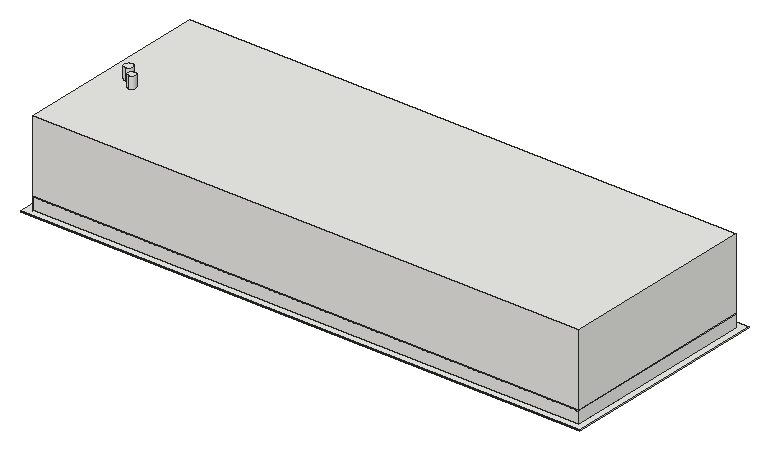
Revit family "AIRTECNICS_AIR CURTAIN_RECESSED WINDBOX_MG_DX-VRF_(LG)_0", category Mechanical Equipment, Revit 2016
Family settings
  Part Type = Normal
  Round Connector Dimension = Use Diameter
  OmniClass Number = 23.75.70.21.17
  OmniClass Title = Air Curtains
  Work Plane-Based = No
  Always vertical = Yes
  Cut with Voids When Loaded = No
  Shared = No
  Room Calculation Point = No
Parameters (values of type "WINDBOX RECM 2000 DX15-LG")
  · PIPES POSITION · [instance] = "-/ Select Pipes Position /-"  # constant formula
  · OTHERS · [instance] = "-/ Select Supports - Inst.Maint. Space /-"  # constant formula
  · HEATING · = "-/ Heating /-"  # constant formula
  · EXTERNAL UNIT · [instance] = "-/ External Unit Type /-"  # constant formula
  · COIL ROWS · = "-/ DX Coil Rows /-"  # constant formula
  Weight [instance] = size_lookup(Name_Lookup_Data, "Weight", 1.00 kg, CM, CT, CH, CR)  # 122.00 kg
  Voltage [instance] = 230 V  # constant formula
  URL_Manufacturer = "https://www.airtecnics.com"
  URL_Datasheet = "https://www.airtecnics.com/download/file/5873/recessed-windbox-dx-lg-1-1-and-vrf.pdf"
  Triple Phase (External Ut.) [instance] = yes
  Supports Length [instance] = 500.0 mm
  Supports (Horizontal) [instance] = no
  Single Phase (External Ut.) [instance] = not([Triple Phase (External Ut.)])  # no
  Revit Version = "Revit 2016 - English"  # constant formula
  Review Date = "11/18"  # constant formula
  Remote Control = "-"  # constant formula
  Refrigerant Pipes_P4 [instance] = no
  Refrigerant Pipes_P3 [instance] = no
  Refrigerant Pipes_P2 [instance] = if(CW = 0, 1 = 1, 1 = 0)  # yes
  Refrigerant Pipes_P1 [instance] = no
  Product Size = if(CT = 2, "1000", if(CT = 4, "1500", if(CT = 8, "2000", if(CT = 16, "2500", if(CT = 32, "3000", "Consult Manufacturer")))))  # "2000"
  Product Reference [instance] = size_lookup(Name_Lookup_Ref, "", "Consult Manufacturer", CM, CT, CH, CR)  # "RECM 2000 DX15-LG"
  Product Heating [instance] = if(DX 1:1, "Direct Expansion 1:1 system", "Direct Expansion VRF system")  # "Direct Expansion 1:1 system"
  Product Description [instance] = size_lookup(Name_Lookup_Data, "", "Consult Manufacturer", CM, CT, CH, CR)  # "Energy saving heat pump air curtain: Up to 70% reduction in costs and CO2 emissions (heating mode).\r\nSelf-supporting casing construction made of galvanized steel plate, ready to be installed recessed in a false ceiling. \r\nInlet grille (free of maintenance) made with aluminium profiles and blow-out nozzle, integrated in a single white frame colour RAL 9016. Other colours are available on request.  Internal prefilter included.\r\nAnodized aluminium outlet vanes, airfoil shaped, adjustable in both directions.\r\nDouble-inlet centrifugal fans driven by an external rotor motor and low noise level. 5-speed selector. EC models assembled with very low consumption efficiency fans. \r\nIncludes only heating direct expansion coil with installed temperature sensors. Under request it can be modified to work in cooling and heating mode (not recomended) with optional condensate water pump.\r\nPlug&Play control panel CS-5DX-NE slave DX with 5 speeds selector and 7m telephone cable included.\r\nReady to connect to LG Inverter outdoor heat pump unit (R410A) with expansion valve, not included, the customer should purchase it.\r\nRequires PAHCMRA000 LG DX Interface KIT adapted for air curtain and PREMTB001 programmable control, please consult.\r\nAir Volume: 3280 m3/h \r\nFans:  0,284 kW  2,48 A 230Vx1 50/60Hz\r\nHeating capacity: 15,4 kW\r\nDimensions: 770x310x2050 mm (depth, height, length)\r\nNOT SUPPLIED BY AIRTÈCNICS:\r\nPAHCMRA000 Interface DX kit and PREMTB001 programmable control.\r\nExternal unit:\r\nOption 1: UU48W U32\r\nExternal unit with direct expansion valve LG, single phase motor 230Vx1 50Hz.\r\nHeating capacity 15,4kW. Heating power: 4,39kW. COP 3,5.\r\nCooling capacity 14kW. Cooling power 4,1kW. EER 3,41.\r\nCooling circuits 5/8\" - 3/8\".\r\nMinimum length 5m.\r\nMaximum length 75m.\r\nDesnivell màxim 30m.\r\nOption 2: UU49W U32\r\nExternal unit with direct expansion valve LG, triple phase motor 400Vx3 50Hz.\r\nHeating capacity 15,4kW. Heating power: 4,39kW. COP 3,5.\r\nCooling capacity 14kW. Cooling power 4,1kW. EER 3,41.\r\nCooling circuits 5/8\" - 3/8\".\r\nMinimum length 5m.\r\nMaximum length 75m.\r\nDesnivell màxim 30m."
  Power Fans Factor [instance] = size_lookup(Name_Lookup_Data, "Power Fans Factor", 1, CM, CT, CH, CR)  # 0.5
  Power Fans [instance] = size_lookup(Name_Lookup_Data, "Power Fans", 1 kW, CM, CT, CH, CR)  # 0.284 kW
  Noise Level (dB(A)) [instance] = size_lookup(Name_Lookup_Data, "Noise Level (dB(A))", 1, CM, CT, CH, CR)  # 58
  Name_Lookup_Ref_EU = "R_WINDBOX_MG_(DX)_LG_Ref_EU_Lookup"  # constant formula
  Name_Lookup_Ref = "R_WINDBOX_MG_(DX)_LG_Ref_Lookup"  # constant formula
  Name_Lookup_Data3 = "R_WINDBOX_MG_(DX)_LG_ExpValve_Lookup"  # constant formula
  Name_Lookup_Data2 = "R_WINDBOX_MG_(DX)_LG_Mainfolds_Lookup"  # constant formula
  Name_Lookup_Data = "R_WINDBOX_MG_(DX)_LG_Data_Lookup"  # constant formula
  Material Inlet Grille [instance] = AIRTECNICS_White RAL 9016
  Material Curtain [instance] = AIRTECNICS_White RAL 9016
  Mainfolds [instance] = size_lookup(Name_Lookup_Data2, "", "Consult Manufacturer", CM, CT, CH, CR)  # "5/8 & 3/8"
  M = yes
  Length = if(CT = 2, 1050.0 mm, if(CT = 4, 1550.0 mm, if(CT = 8, 2050.0 mm, if(CT = 16, 2550.0 mm, L + 50.0 mm))))  # 2050.0 mm
  IfcExportType = "DXCOOLINGCOIL"  # constant formula
  IfcExportAs = "IfcCoilType"  # constant formula
  Height = 310.0 mm  # constant formula
  Heating Capacity [instance] = size_lookup(Name_Lookup_Data, "Heating Capacity", 1 kW, CM, CT, CH, CR)  # 15.4 kW
  Gas Coil Volume [instance] = size_lookup(Name_Lookup_Data, "Gas Coil Volume", 1.00 L, CM, CT, CH, CR)  # 3.10 L
  G = no
  Frequency = 50 Hz  # constant formula
  Fans Stage = 5  # constant formula
  Family Version = "1.0"  # constant formula
  External Ut. Reference [instance] = size_lookup(Name_Lookup_Ref_EU, "", "Consult Manufacturer", CM, CT, CH, CR, CEU)  # "UU49W U32"
  Expansion Valve [instance] = size_lookup(Name_Lookup_Data3, "", "Consult Manufacturer", CM, CT, CH, CR)  # "Included on External Unit"
  EC = yes
  Dn_Metric_Refrig_Liquid [instance] = size_lookup(Name_Lookup_Data2, "Dn_Liquid", 1 mm, CM, CT, CH, CR)  # 10 mm
  Dn_Metric_Refrig_Gas [instance] = size_lookup(Name_Lookup_Data2, "Dn_Gas", 1 mm, CM, CT, CH, CR)  # 16 mm
  Depth = 770.0 mm  # constant formula
  DX VRF = not(DX 1:1)  # no
  DX Kit [instance] = "PAHCMR000"  # constant formula
  DX Controller [instance] = "PREMTB001"  # constant formula
  DX Coil Rows = 4 = no
  DX Coil Rows = 3 = not([DX Coil Rows = 4])  # yes
  DX Coil Rows [instance] = if(CR = 2, 4, if(CR = 4, 3, if(CR = 0, 2, 0)))  # 3
  DX 1:1 = yes
  Current Fans [instance] = size_lookup(Name_Lookup_Data, "Current Fans", 1 A, CM, CT, CH, CR)  # 2.48 A
  Created by = "BIMETRICAL"  # constant formula
  Control [instance] = "CS-5DX-NE"  # constant formula
  Capacity_Frig_Liquid [instance] = 0 m³/h
  Capacity_Frig_Gas [instance] = 0 m³/h
  Cable = "CB7"  # constant formula
  URL = "https://www.airtecnics.com/products/heat-pump-air-curtain-recessed-windbox-for-lg"
  Model = "Air Curtain Recessed Windbox M,G DX/VRF LG"  # constant formula
  L = 2000.0 mm
  Type Image = <None>
  Manufacturer = "AIRTECNICS"  # constant formula
  Description = ""
  Type Comments = "Energy saving heat pump air curtain: Up to 70% reduction in costs and CO2 emissions (heating mode).\r\nSelf-supporting casing construction made of galvanized steel plate, ready to be installed recessed in a false ceiling. \r\nInlet grille (free of maintenance) made with aluminium profiles and blow-out nozzle, integrated in a single white frame colour RAL 9016. Other colours are available on request.  Internal prefilter included.\r\nAnodized aluminium outlet vanes, airfoil shaped, adjustable in both directions.\r\nDouble-inlet centrifugal fans driven by an external rotor motor and low noise level. 5-speed selector. EC models assembled with very low consumption efficiency fans. \r\nIncludes only heating direct expansion coil with installed temperature sensors. Under request it can be modified to work in cooling and heating mode (not recomended) with optional condensate water pump.\r\nPlug&Play control panel CS-5DX-NE slave DX with 5 speeds selector and 7m telephone cable included.\r\nDX 1:1:\r\nReady to connect to LG Inverter outdoor heat pump unit (R410A) with expansion valve, not included, the customer should purchase it.\r\nRequires  LG DX Interface KIT adapted for air curtain and  programmable control, please consult.\r\nDX VRF:\r\nReady to connect to LG VRF outdoor heat pump unit (R410A) and expansion valve not included, the customer should purchase it.\r\nRequires  LG VRF Interface KIT adapted for air curtain and  programmable control, please consult."  # constant formula
  CW [instance] = if(Refrigerant Pipes_P1, 2, 0) + if(Refrigerant Pipes_P3, 4, 0) + if(Refrigerant Pipes_P4, 8, 0)  # 0
  CT = if(L = 1000.0 mm, 2, 0) + if(L = 1500.0 mm, 4, 0) + if(L = 2000.0 mm, 8, 0) + if(L = 2500.0 mm, 16, 0) + if(L = 3000.0 mm, 32, 0)  # 8
  CR [instance] = if([DX Coil Rows = 4], 2, 0) + if([DX Coil Rows = 3], 4, 0)  # 4
  CM = if(M, 2, 0) + if(EC, 4, 0) + if(G, 8, 0)  # 6
  CH [instance] = if(DX 1:1, 2, 0) + if(DX VRF, 4, 0)  # 2
  CEU [instance] = if([Single Phase (External Ut.)], 2, 0) + if([Triple Phase (External Ut.)], 4, 0)  # 4
  BIMETRICAL Category = "Coil"  # constant formula
  BIMETRICAL = "http://www.bimetrical.com/"  # constant formula
  Aspiration/Maintenance Space [instance] = no
  Apparent Load [instance] = size_lookup(Name_Lookup_Data, "Apparent Load", 1 VA, CM, CT, CH, CR)  # 568 VA
  Airflow [instance] = size_lookup(Name_Lookup_Data, "Airflow", 1 m³/h, CM, CT, CH, CR)  # 3280 m³/h
Reference planes
  plane 1 "Centro (Frontal/Posterior)": z = 0
  plane 2: y = 246.57
  plane 3 "Centro (Izquierda/Derecha)": x = 0
Nested families
  nested 1: "GEOM_WINDBOX_P_RECESSED_DX" at (0, 130, 48), L <- "L", ViHS <- "Supports (Horizontal)", Support Length <- "Supports Length", Aspiration/Maintenance Space <- "Aspiration/Maintenance Space", CW <- "CW", Material Curtain <- "Material Curtain", Material Inlet Grille <- "Material Inlet Grille", type "Air curtain Recessed Windbox DX"
    with ViHSC no, ViHS no, Vi2 no, Vi1 yes, TI 9, Support Length 500.0 mm, Position Water pipes OUT connection "--------------------------------", Position Water pipes IN connection "--------------------------------", Material Inlet Grille AIRTECNICS_White RAL 9016, Material Curtain AIRTECNICS_White RAL 9016, LiS 760.0 mm, Li9 114.0 mm, Li8 0.0 mm, Li7 52.0 mm, Li6 720.0 mm, Li16 10.0 mm, Li15 10.0 mm, Li14 260.0 mm, Li13 76.0 mm, Li12 0.0 mm, Li11 85.0 mm, Li10 260.0 mm, L 2000.0 mm, D_Liquid 27.0 mm, D_Gas 31.0 mm, CW 0, Aspiration/Maintenance Space no, AnWCO 90.00°, AnWCI 90.00°
Connectors
  electrical at (859, 510.57, 308), driven by "Voltage", driven by "Apparent Load", driven by "Power Fans Factor", driven by "Apparent Load"
    settings: on nested 1, index 1, voltage 230 V, apparent load 568 VA, apparent load phase1 568 VA, apparent load phase2 0 VA, apparent load phase3 0 VA, power factor 0.5, load classification "HVAC", number of poles 1, system type 30, power factor state 1, is connector primary yes, connector utility no, sub classification motor no, connector description ""
  piping at (-924, 231.57, 348), diameter 16, driven by "Dn_Metric_Refrig_Gas", driven by "Capacity_Frig_Gas"
    settings: on nested 1, index 2, connector inside diameter 609.6 mm, connector length 0.0 mm, flow factor 0, pipe flow 0 m³/h, pressure drop 0.0 Pa, fitting loss kfactor 0, connector angle 0.00°, fixture units 0, engagement length 0.0 mm, angle of deflection 0.00°, flow configuration 1, flow direction 1, fitting loss method 0, system type 7, joint type 0, gender type 0, connector reference index -1, connector utility 0, adjustable connector no, is connector primary yes, connector description "(gas) refrigerant connection"
  piping at (-886, 198.57, 348), diameter 10, driven by "Dn_Metric_Refrig_Liquid", driven by "Capacity_Frig_Liquid"
    settings: on nested 1, index 3, connector inside diameter 609.6 mm, connector length 0.0 mm, flow factor 0, pipe flow 0 m³/h, pressure drop 0.0 Pa, fitting loss kfactor 0, connector angle 0.00°, fixture units 0, engagement length 0.0 mm, angle of deflection 0.00°, flow configuration 1, flow direction 2, fitting loss method 0, system type 8, joint type 0, gender type 0, connector reference index -1, connector utility 0, adjustable connector no, is connector primary no, connector description "(liquid) refrigerant connection"
Definition of nested family "GEOM_WINDBOX_P_RECESSED_DX"
  Parameters (values of type "Air curtain Recessed Windbox DX")
    ViHSC [instance] = if(and(ViHS, L > 1000.0 mm), 1 = 1, 1 = 0)  # no
    Vi2 [instance] = if(L = 2500.0 mm, 1 = 1, 1 = 0)  # yes
    Vi1 [instance] = not(Vi2)  # no
    TI [instance] = if(L = 1000.0 mm, 5, if(L = 1500.0 mm, 7, if(L = 2000.0 mm, 9, if(L = 2500.0 mm, 11, L / 200.0 mm))))  # 11
    Name_Lookup_WaterCoils = "R_WINDBOX_MG_DX_(P)_WaterCoil_Lookup"  # constant formula
    Material Outlet Grille = none
    Material II = none
    Material I = none
    Material Inlet Grille [instance] = none
    Li16 [instance] = if(CW = 2, 100.0 mm, 10.0 mm)  # 10.0 mm
    Li15 [instance] = if(CW = 8, 100.0 mm, 10.0 mm)  # 10.0 mm
    Li14 [instance] = size_lookup(Name_Lookup_WaterCoils, "Li14", 260.0 mm, CW)  # 260.0 mm
    Li13 [instance] = if(CW = 4, L - 114.0 mm, if(CW = 2, 1.0 mm, if(CW = 8, L - 1.0 mm, 76.0 mm)))  # 76.0 mm
    Li12 [instance] = size_lookup(Name_Lookup_WaterCoils, "Li12", 0.0 mm, CW)  # 0.0 mm
    Li11 [instance] = size_lookup(Name_Lookup_WaterCoils, "Li11", 85.0 mm, CW)  # 85.0 mm
    D_Liquid [instance] = 27.0 mm  # constant formula
    D_Gas [instance] = 31.0 mm  # constant formula
    CW [instance] = 0
    AnWCO [instance] = size_lookup(Name_Lookup_WaterCoils, "AnWCO", 90.00°, CW)  # 90.00°
    Position Water pipes IN connection [instance] = "--------------------------------"  # constant formula
    Position Water pipes OUT connection [instance] = "--------------------------------"  # constant formula
    ViHS [instance] = no
    Support Length [instance] = 500.0 mm
    AnWCI [instance] = size_lookup(Name_Lookup_WaterCoils, "AnWCI", 90.00°, CW)  # 90.00°
    LiS [instance] = Support Length + 260.0 mm  # 760.0 mm
    Revit Version = "Revit 2016 - English"  # constant formula
    Review Date = "11/18"  # constant formula
    Material Curtain [instance] = none
    Li9 [instance] = if(CW = 4, L - 76.0 mm, if(CW = 2, 1.0 mm, if(CW = 8, L - 1.0 mm, 114.0 mm)))  # 114.0 mm
    Li7 [instance] = size_lookup(Name_Lookup_WaterCoils, "Li7", 52.0 mm, CW)  # 52.0 mm
    Li6 [instance] = Depth  # 720.0 mm
    Li8 [instance] = size_lookup(Name_Lookup_WaterCoils, "Li8", 0.0 mm, CW)  # 0.0 mm
    Li10 [instance] = size_lookup(Name_Lookup_WaterCoils, "Li10", 260.0 mm, CW)  # 260.0 mm
    Family Version = "1.0"  # constant formula
    Depth = 720.0 mm  # constant formula
    Default Elevation = 1219.2 mm
    Created by = "BIMETRICAL"  # constant formula
    URL = "https://www.airtecnics.com/products/heat-pump-and-energy-saving-air-curtains"
    Model = "Air curtain Recessed Windbox DX"  # constant formula
    L [instance] = 2500.0 mm
    Type Image = (empty or 0)
    Manufacturer = "AIRTECNICS"  # constant formula
    Description = "AIRTECNICS_Air curtain Recessed Windbox DX"  # constant formula
    Type Comments = ""
    BIMETRICAL Category = "Fan"  # constant formula
    BIMETRICAL = "http://www.bimetrical.com/"  # constant formula
    Aspiration/Maintenance Space [instance] = no
  Reference planes
    plane 1 "Centro (Frontal/Posterior)": z = 0
    plane 2: y = 246.57
    plane 3 "Centro (Izquierda/Derecha)": x = 0
    plane 4: z = 260
    plane 5: y = 476.57
    plane 6: y = 16.57
    plane 7: x = -1250
    plane 8: x = 1250
    plane 9: x = -1210
    plane 10: x = 1210
    plane 11: y = 442.57
    plane 12: y = 145.57
    plane 13: y = -223.43
    plane 14: x = -1136
    plane 15 "P1-01": y = 68.57
    plane 16 "P1-02": z = 0
    plane 17 "P2-01": x = -1174
    plane 18 "P2-02": z = 0
    plane 19 "P2-03": y = 101.57
    plane 20: y = -243.43
    plane 21: y = 501.57
    plane 22: x = 1275
    plane 23: y = -268.43
    plane 24: z = -48
    plane 25: z = -50
    plane 26: x = 1248
    plane 27: x = -1248
    plane 28: x = -418.5
    plane 29: x = 418.5
    plane 30: x = -1203.5
    plane 31: x = 1203.5
    plane 32: x = -962.8
    plane 33: x = -722.1
    plane 34: x = -481.4
    plane 35: z = -250
    plane 36: y = -241.454
    plane 37: y = -9.53
    plane 38: x = 1335
    plane 39: x = -1425
    plane 40: x = -240.7
    plane 41: x = 0
    plane 42: x = 240.7
    plane 43: x = 481.4
    plane 44: x = 722.1
    plane 45: x = 962.8
  Forms (mm)
    Extrusion 1, solid, material <- "Material Inlet Grille"
      sketch origin (0, 0, -50) x (1, 0, 0) y (0, 1, 0)
        loop
          line (-1250, 476.57) -> (-1250, -243.43) -> (1250, -243.43) -> (1250, 476.57) -> (-1250, 476.57)
      from 0 to 50
    Extrusion 2, void, detail levels medium+fine
      sketch origin (0, 0, -50) x (1, 0, 0) y (0, 1, 0)
        loop
          line (-1249, 474.57) -> (-1249, 387.47) -> (1249, 387.47) -> (1249, 474.57) -> (-1249, 474.57)
      from 0 to 46
    Extrusion 3, solid, material <- "Material Curtain", not visible
      sketch origin (559.734, 0, 0) x (1, 0, 0) y (0, 1, 0)
        loop
          line (613.266, 405.57) -> (485.266, 405.57) -> (485.266, 355.57) -> (613.266, 355.57) -> (613.266, 405.57)
      from 260 to 259
    Extrusion 4, solid, visible <- "ViHS"
      sketch origin (0, 0, 0) x (1, 0, 0) y (0, 1, 0)
        loop
          circle (-1210, 442.57) r 3.375
      from 260 to 760 <- "LiS"
    Extrusion 5, solid, visible <- "ViHSC"
      sketch origin (1185, 0, 0) x (1, 0, 0) y (0, 1, 0)
        loop
          circle (-1185, 442.57) r 3.375
      from 260 to 760 <- "LiS"
    Extrusion 6, solid, visible <- "ViHS"
      sketch origin (2385, 0, 0) x (1, 0, 0) y (0, 1, 0)
        loop
          circle (-1175, 442.57) r 3.375
      from 260 to 760 <- "LiS"
    Extrusion 7, solid, visible <- "ViHSC"
      sketch origin (1185, -240, 0) x (1, 0, 0) y (0, 1, 0)
        loop
          circle (-1185, 385.57) r 3.375
      from 260 to 760 <- "LiS"
    Extrusion 8, solid, visible <- "ViHS"
      sketch origin (2344.293, -280.483, 0) x (1, 0, 0) y (0, 1, 0)
        loop
          circle (-1134.293, 426.053) r 3.375
      from 260 to 760 <- "LiS"
    Extrusion 9, solid, visible <- "ViHS"
      sketch origin (9.293, -280.483, 0) x (1, 0, 0) y (0, 1, 0)
        loop
          circle (-1219.293, 426.053) r 3.375
      from 260 to 760 <- "LiS"
    Extrusion 10, solid, visible <- "Aspiration/Maintenance Space"
      sketch origin (0, 0, -50) x (1, 0, 0) y (0, 1, 0)
        loop
          line (-1250, 476.57) -> (-1250, -243.43) -> (1250, -243.43) -> (1250, 476.57) -> (-1250, 476.57)
      from 310 to 410
    Extrusion 11, solid, visible <- "Aspiration/Maintenance Space"
      sketch origin (230, 246.57, 5) x (1, 0, 0) y (0, 0, 1)
        loop
          line (1020, 255) -> (1020, -53) -> (1030, -53) -> (1030, 255) -> (1020, 255)
      from -230 to 490
    Extrusion 12, solid, visible <- "Aspiration/Maintenance Space"
      sketch origin (-2520, 246.57, 5) x (1, 0, 0) y (0, 0, 1)
        loop
          line (1260, 255) -> (1260, -53) -> (1270, -53) -> (1270, 255) -> (1260, 255)
      from -230 to 490
    Extrusion 13, solid, visible <- "ViHSC"
      sketch origin (1185, -609, 0) x (1, 0, 0) y (0, 1, 0)
        loop
          circle (-1185, 385.57) r 3.375
      from 260 to 760 <- "LiS"
    Extrusion 14, solid, visible <- "ViHS"
      sketch origin (2344.293, -649.483, 0) x (1, 0, 0) y (0, 1, 0)
        loop
          circle (-1134.293, 426.053) r 3.375
      from 260 to 760 <- "LiS"
    Extrusion 15, solid, visible <- "ViHS"
      sketch origin (9.293, -649.483, 0) x (1, 0, 0) y (0, 1, 0)
        loop
          circle (-1219.293, 426.053) r 3.375
      from 260 to 760 <- "LiS"
    Extrusion 16, solid, material <- "Material Curtain"
      sketch origin (-1174, 101.57, 260) x (0, -1, 0) y (1, 0, 0)
        loop
          circle (0, 0) r 15.5
      from 0 to 40
    Extrusion 17, solid, material <- "Material Curtain"
      sketch origin (-1136, 68.57, 260) x (0, -1, 0) y (1, 0, 0)
        loop
          circle (0, 0) r 13.5
      from 0 to 40
    Extrusion 18, solid, material <- "Material Inlet Grille"
      sketch origin (-54.078, -166.435, -50) x (1, 0, 0) y (0, 1, 0)
        loop
          line (-1220.922, -101.996) -> (1329.078, -101.996) -> (1329.078, 668.004) -> (-1220.922, 668.004) -> (-1220.922, -101.996)
        loop
          line (-1195.922, -76.996) -> (1304.078, -76.996) -> (1304.078, 643.004) -> (-1195.922, 643.004) -> (-1195.922, -76.996)
      from 0 to 2
    Sweep 19, void
      path origin (0, 0, -50) x (1, 0, 0) y (0, 1, 0)
        loop
          line (-1250, 476.57) -> (-1250, -243.43) -> (1250, -243.43) -> (1250, 476.57) -> (-1250, 476.57)
      profile origin (0, 476.57, -50) x (0, 1, 0) y (0, 0, 1)
        loop
          line (0, 46) -> (0, 50) -> (-4, 50)
          arc (-4, 50) -> (-1.172, 48.828) -> (0, 46) r 4
    Extrusion 20, solid, material <- "Material Outlet Grille"
      sketch origin (0, 0, 0) x (0, 1, 0) y (0, 0, 1)
        loop
          line (452.413, -27.506) -> (455.591, -46.036)
          arc (455.591, -46.036) -> (457.07, -47.282) -> (458.548, -46.036) r 1.5
          line (458.548, -46.036) -> (461.726, -27.506)
          arc (461.726, -27.506) -> (457.07, -21.982) -> (452.413, -27.506) r 4.725
        loop
          arc (429.342, -46.036) -> (430.82, -47.282) -> (432.299, -46.036) r 1.5
          line (432.299, -46.036) -> (435.477, -27.506)
          arc (435.477, -27.506) -> (430.82, -21.982) -> (426.163, -27.506) r 4.725
          line (426.163, -27.506) -> (429.342, -46.036)
        loop
          arc (409.976, -27.506) -> (405.319, -21.982) -> (400.662, -27.506) r 4.725
          line (400.662, -27.506) -> (403.84, -46.036)
          arc (403.84, -46.036) -> (405.319, -47.282) -> (406.797, -46.036) r 1.5
          line (406.797, -46.036) -> (409.976, -27.506)
      from -1248 to 1248
    Extrusion 21, void, detail levels medium+fine
      sketch origin (0, -484.3, -50) x (1, 0, 0) y (0, 1, 0)
        loop
          line (-1249, 474.77) -> (-1249, 242.846) -> (1249, 242.846) -> (1249, 474.77) -> (-1249, 474.77)
      from 0 to 46
    Extrusion 22, solid, material <- "Material Curtain"
      sketch origin (0, 0, -50) x (1, 0, 0) y (0, 1, 0)
        loop
          line (-1250, 476.57) -> (-1250, -243.43) -> (1250, -243.43) -> (1250, 476.57) -> (-1250, 476.57)
      from 50 to 310
    Extrusion 23, solid, material <- "Material II", visible <- "Vi1"
      sketch origin (0, 0, 0) x (0, 1, 0) y (0, 0, 1)
        loop
          line (474.57, -4) -> (400.57, -4) -> (400.57, -47.504) -> (474.57, -47.504) -> (474.57, -4)
      from -7.5 to 7.5
    Extrusion 24, solid, material <- "Material I"
      sketch origin (1191.816, 0, 0) x (0, 1, 0) y (0, 0, 1)
        loop
          arc (402.126, -44.927) -> (403.13, -46.77) -> (405.096, -47.504) r 3
          line (405.096, -47.504) -> (431.043, -47.504)
          arc (431.043, -47.504) -> (433.022, -46.759) -> (434.017, -44.893) r 3
          line (434.017, -44.893) -> (437.046, -21.725)
          arc (437.046, -21.725) -> (436.086, -18.568) -> (433.08, -17.207) r 4
          line (433.08, -17.207) -> (403.059, -17.207)
          arc (403.059, -17.207) -> (400.04, -18.583) -> (399.098, -21.764) r 4
          line (399.098, -21.764) -> (402.126, -44.927)
      from 53.181 to 56.184
    Extrusion 25, solid, material <- "Material I", visible <- "Vi1"
      sketch origin (-45.681, 0, 0) x (0, 1, 0) y (0, 0, 1)
        loop
          arc (402.126, -44.927) -> (403.13, -46.77) -> (405.096, -47.504) r 3
          line (405.096, -47.504) -> (431.043, -47.504)
          arc (431.043, -47.504) -> (433.022, -46.759) -> (434.017, -44.893) r 3
          line (434.017, -44.893) -> (437.046, -21.725)
          arc (437.046, -21.725) -> (436.086, -18.568) -> (433.08, -17.207) r 4
          line (433.08, -17.207) -> (403.059, -17.207)
          arc (403.059, -17.207) -> (400.04, -18.583) -> (399.098, -21.764) r 4
          line (399.098, -21.764) -> (402.126, -44.927)
      from 53.181 to 56.184
    Extrusion 26, solid, material <- "Material I", visible <- "Vi1"
      sketch origin (-63.684, 0, 0) x (0, 1, 0) y (0, 0, 1)
        loop
          arc (402.126, -44.927) -> (403.13, -46.77) -> (405.096, -47.504) r 3
          line (405.096, -47.504) -> (431.043, -47.504)
          arc (431.043, -47.504) -> (433.022, -46.759) -> (434.017, -44.893) r 3
          line (434.017, -44.893) -> (437.046, -21.725)
          arc (437.046, -21.725) -> (436.086, -18.568) -> (433.08, -17.207) r 4
          line (433.08, -17.207) -> (403.059, -17.207)
          arc (403.059, -17.207) -> (400.04, -18.583) -> (399.098, -21.764) r 4
          line (399.098, -21.764) -> (402.126, -44.927)
      from 53.181 to 56.184
    Extrusion 27, solid, material <- "Material II", visible <- "Vi2", not visible
      sketch origin (0, 0, 0) x (0, 1, 0) y (0, 0, 1)
        loop
          line (474.57, -4) -> (400.57, -4) -> (400.57, -47.504) -> (474.57, -47.504) -> (474.57, -4)
      from -7.5 to 7.5
    Extrusion 28, solid, material <- "Material I", visible <- "Vi2", not visible
      sketch origin (-45.681, 0, 0) x (0, 1, 0) y (0, 0, 1)
        loop
          arc (402.126, -44.927) -> (403.13, -46.77) -> (405.096, -47.504) r 3
          line (405.096, -47.504) -> (431.043, -47.504)
          arc (431.043, -47.504) -> (433.022, -46.759) -> (434.017, -44.893) r 3
          line (434.017, -44.893) -> (437.046, -21.725)
          arc (437.046, -21.725) -> (436.086, -18.568) -> (433.08, -17.207) r 4
          line (433.08, -17.207) -> (403.059, -17.207)
          arc (403.059, -17.207) -> (400.04, -18.583) -> (399.098, -21.764) r 4
          line (399.098, -21.764) -> (402.126, -44.927)
      from 53.181 to 56.184
    Extrusion 29, solid, material <- "Material I", visible <- "Vi2", not visible
      sketch origin (-63.684, 0, 0) x (0, 1, 0) y (0, 0, 1)
        loop
          arc (402.126, -44.927) -> (403.13, -46.77) -> (405.096, -47.504) r 3
          line (405.096, -47.504) -> (431.043, -47.504)
          arc (431.043, -47.504) -> (433.022, -46.759) -> (434.017, -44.893) r 3
          line (434.017, -44.893) -> (437.046, -21.725)
          arc (437.046, -21.725) -> (436.086, -18.568) -> (433.08, -17.207) r 4
          line (433.08, -17.207) -> (403.059, -17.207)
          arc (403.059, -17.207) -> (400.04, -18.583) -> (399.098, -21.764) r 4
          line (399.098, -21.764) -> (402.126, -44.927)
      from 53.181 to 56.184
    Extrusion 30, solid, material <- "Material II", visible <- "Vi2"
      sketch origin (418.5, 0, 0) x (0, 1, 0) y (0, 0, 1)
        loop
          line (474.57, -4) -> (400.57, -4) -> (400.57, -47.504) -> (474.57, -47.504) -> (474.57, -4)
      from -7.5 to 7.5
    Extrusion 31, solid, material <- "Material I", visible <- "Vi2"
      sketch origin (372.819, 0, 0) x (0, 1, 0) y (0, 0, 1)
        loop
          arc (402.126, -44.927) -> (403.13, -46.77) -> (405.096, -47.504) r 3
          line (405.096, -47.504) -> (431.043, -47.504)
          arc (431.043, -47.504) -> (433.022, -46.759) -> (434.017, -44.893) r 3
          line (434.017, -44.893) -> (437.046, -21.725)
          arc (437.046, -21.725) -> (436.086, -18.568) -> (433.08, -17.207) r 4
          line (433.08, -17.207) -> (403.059, -17.207)
          arc (403.059, -17.207) -> (400.04, -18.583) -> (399.098, -21.764) r 4
          line (399.098, -21.764) -> (402.126, -44.927)
      from 53.181 to 56.184
    Extrusion 32, solid, material <- "Material I", visible <- "Vi2"
      sketch origin (354.816, 0, 0) x (0, 1, 0) y (0, 0, 1)
        loop
          arc (402.126, -44.927) -> (403.13, -46.77) -> (405.096, -47.504) r 3
          line (405.096, -47.504) -> (431.043, -47.504)
          arc (431.043, -47.504) -> (433.022, -46.759) -> (434.017, -44.893) r 3
          line (434.017, -44.893) -> (437.046, -21.725)
          arc (437.046, -21.725) -> (436.086, -18.568) -> (433.08, -17.207) r 4
          line (433.08, -17.207) -> (403.059, -17.207)
          arc (403.059, -17.207) -> (400.04, -18.583) -> (399.098, -21.764) r 4
          line (399.098, -21.764) -> (402.126, -44.927)
      from 53.181 to 56.184
    Extrusion 33, solid, visible <- "Vi1", not visible
      sketch origin (1185, 0, 0) x (1, 0, 0) y (0, 1, 0)
        loop
          circle (-1185, 442.57) r 3.375
      from 260 to 760 <- "LiS"
    Extrusion 34, solid, material <- "Material II", visible <- "Vi1", not visible
      sketch origin (0, 0, 0) x (0, 1, 0) y (0, 0, 1)
        loop
          line (474.57, -4) -> (400.57, -4) -> (400.57, -47.504) -> (474.57, -47.504) -> (474.57, -4)
      from -7.5 to 7.5
    Extrusion 35, solid, material <- "Material I", visible <- "Vi1", not visible
      sketch origin (-45.681, 0, 0) x (0, 1, 0) y (0, 0, 1)
        loop
          arc (402.126, -44.927) -> (403.13, -46.77) -> (405.096, -47.504) r 3
          line (405.096, -47.504) -> (431.043, -47.504)
          arc (431.043, -47.504) -> (433.022, -46.759) -> (434.017, -44.893) r 3
          line (434.017, -44.893) -> (437.046, -21.725)
          arc (437.046, -21.725) -> (436.086, -18.568) -> (433.08, -17.207) r 4
          line (433.08, -17.207) -> (403.059, -17.207)
          arc (403.059, -17.207) -> (400.04, -18.583) -> (399.098, -21.764) r 4
          line (399.098, -21.764) -> (402.126, -44.927)
      from 53.181 to 56.184
    Extrusion 36, solid, material <- "Material I", visible <- "Vi1", not visible
      sketch origin (-63.684, 0, 0) x (0, 1, 0) y (0, 0, 1)
        loop
          arc (402.126, -44.927) -> (403.13, -46.77) -> (405.096, -47.504) r 3
          line (405.096, -47.504) -> (431.043, -47.504)
          arc (431.043, -47.504) -> (433.022, -46.759) -> (434.017, -44.893) r 3
          line (434.017, -44.893) -> (437.046, -21.725)
          arc (437.046, -21.725) -> (436.086, -18.568) -> (433.08, -17.207) r 4
          line (433.08, -17.207) -> (403.059, -17.207)
          arc (403.059, -17.207) -> (400.04, -18.583) -> (399.098, -21.764) r 4
          line (399.098, -21.764) -> (402.126, -44.927)
      from 53.181 to 56.184
    Extrusion 37, solid, material <- "Material II", visible <- "Vi2"
      sketch origin (-418.5, 0, 0) x (0, 1, 0) y (0, 0, 1)
        loop
          line (474.57, -4) -> (400.57, -4) -> (400.57, -47.504) -> (474.57, -47.504) -> (474.57, -4)
      from -7.5 to 7.5
    Extrusion 38, solid, material <- "Material I", visible <- "Vi2"
      sketch origin (-464.181, 0, 0) x (0, 1, 0) y (0, 0, 1)
        loop
          arc (402.126, -44.927) -> (403.13, -46.77) -> (405.096, -47.504) r 3
          line (405.096, -47.504) -> (431.043, -47.504)
          arc (431.043, -47.504) -> (433.022, -46.759) -> (434.017, -44.893) r 3
          line (434.017, -44.893) -> (437.046, -21.725)
          arc (437.046, -21.725) -> (436.086, -18.568) -> (433.08, -17.207) r 4
          line (433.08, -17.207) -> (403.059, -17.207)
          arc (403.059, -17.207) -> (400.04, -18.583) -> (399.098, -21.764) r 4
          line (399.098, -21.764) -> (402.126, -44.927)
      from 53.181 to 56.184
    Extrusion 39, solid, material <- "Material I", visible <- "Vi2"
      sketch origin (-482.184, 0, 0) x (0, 1, 0) y (0, 0, 1)
        loop
          arc (402.126, -44.927) -> (403.13, -46.77) -> (405.096, -47.504) r 3
          line (405.096, -47.504) -> (431.043, -47.504)
          arc (431.043, -47.504) -> (433.022, -46.759) -> (434.017, -44.893) r 3
          line (434.017, -44.893) -> (437.046, -21.725)
          arc (437.046, -21.725) -> (436.086, -18.568) -> (433.08, -17.207) r 4
          line (433.08, -17.207) -> (403.059, -17.207)
          arc (403.059, -17.207) -> (400.04, -18.583) -> (399.098, -21.764) r 4
          line (399.098, -21.764) -> (402.126, -44.927)
      from 53.181 to 56.184
    Extrusion 40, solid, material <- "Material Outlet Grille"
      sketch origin (0, -232.43, -85.237) x (1, 0, 0) y (0, 0, 1)
        loop
          circle (-1203.5, 56.137) r 4
      from -222.9 to 5
    Extrusion 41, solid, material <- "Material Outlet Grille"
      sketch origin (2407, -232.43, -85.237) x (1, 0, 0) y (0, 0, 1)
        loop
          circle (-1203.5, 56.137) r 4
      from -222.9 to 5
    Extrusion 42, solid, material <- "Material Outlet Grille"
      sketch origin (240.7, -232.43, -85.237) x (1, 0, 0) y (0, 0, 1)
        loop
          circle (-1203.5, 56.137) r 4
      from -222.9 to 5
    Extrusion 43, solid, material <- "Material Outlet Grille"
      sketch origin (481.4, -232.43, -85.237) x (1, 0, 0) y (0, 0, 1)
        loop
          circle (-1203.5, 56.137) r 4
      from -222.9 to 5
    Extrusion 44, solid, material <- "Material Outlet Grille"
      sketch origin (722.1, -232.43, -85.237) x (1, 0, 0) y (0, 0, 1)
        loop
          circle (-1203.5, 56.137) r 4
      from -222.9 to 5
    Extrusion 45, solid, material <- "Material I"
      sketch origin (-1301.181, 0, 0) x (0, 1, 0) y (0, 0, 1)
        loop
          arc (402.126, -44.927) -> (403.13, -46.77) -> (405.096, -47.504) r 3
          line (405.096, -47.504) -> (431.043, -47.504)
          arc (431.043, -47.504) -> (433.022, -46.759) -> (434.017, -44.893) r 3
          line (434.017, -44.893) -> (437.046, -21.725)
          arc (437.046, -21.725) -> (436.086, -18.568) -> (433.08, -17.207) r 4
          line (433.08, -17.207) -> (403.059, -17.207)
          arc (403.059, -17.207) -> (400.04, -18.583) -> (399.098, -21.764) r 4
          line (399.098, -21.764) -> (402.126, -44.927)
      from 53.181 to 56.184
    Extrusion 46, solid, material <- "Material Inlet Grille"
      sketch origin (0, -150, 0) x (0, 1, 0) y (0, 0, 1)
        loop
          line (136.77, -33.656) -> (122.009, -45.189)
          arc (122.009, -45.189) -> (118.063, -47.263) -> (113.64, -47.821) r 12.5
          line (113.64, -47.821) -> (113.57, -49.119)
          arc (113.57, -49.119) -> (118.453, -48.503) -> (122.809, -46.213) r 13.8
          line (122.809, -46.213) -> (137.57, -34.681)
          arc (137.57, -34.681) -> (138.306, -33.772) -> (138.57, -32.632) r 2.6
          line (138.57, -32.632) -> (138.57, -23.9) -> (137.27, -23.9) -> (137.27, -32.632)
          arc (137.27, -32.632) -> (137.138, -33.202) -> (136.77, -33.656) r 1.3
        loop
          line (111.77, -33.656) -> (97.009, -45.189)
          arc (97.009, -45.189) -> (93.063, -47.263) -> (88.64, -47.821) r 12.5
          line (88.64, -47.821) -> (88.57, -49.119)
          arc (88.57, -49.119) -> (93.453, -48.503) -> (97.809, -46.213) r 13.8
          line (97.809, -46.213) -> (112.57, -34.681)
          arc (112.57, -34.681) -> (113.306, -33.772) -> (113.57, -32.632) r 2.6
          line (113.57, -32.632) -> (113.57, -23.9) -> (112.27, -23.9) -> (112.27, -32.632)
          arc (112.27, -32.632) -> (112.138, -33.202) -> (111.77, -33.656) r 1.3
        loop
          line (89.52, -33.656) -> (74.759, -45.189)
          arc (74.759, -45.189) -> (70.813, -47.263) -> (66.39, -47.821) r 12.5
          line (66.39, -47.821) -> (66.32, -49.119)
          arc (66.32, -49.119) -> (71.203, -48.503) -> (75.559, -46.213) r 13.8
          line (75.559, -46.213) -> (90.32, -34.681)
          arc (90.32, -34.681) -> (91.056, -33.772) -> (91.32, -32.632) r 2.6
          line (91.32, -32.632) -> (91.32, -23.9) -> (90.02, -23.9) -> (90.02, -32.632)
          arc (90.02, -32.632) -> (89.888, -33.202) -> (89.52, -33.656) r 1.3
        loop
          line (67.27, -33.656) -> (52.509, -45.189)
          arc (52.509, -45.189) -> (48.563, -47.263) -> (44.14, -47.821) r 12.5
          line (44.14, -47.821) -> (44.07, -49.119)
          arc (44.07, -49.119) -> (48.953, -48.503) -> (53.309, -46.213) r 13.8
          line (53.309, -46.213) -> (68.07, -34.681)
          arc (68.07, -34.681) -> (68.806, -33.772) -> (69.07, -32.632) r 2.6
          line (69.07, -32.632) -> (69.07, -23.9) -> (67.77, -23.9) -> (67.77, -32.632)
          arc (67.77, -32.632) -> (67.638, -33.202) -> (67.27, -33.656) r 1.3
        loop
          line (45.02, -33.656) -> (30.259, -45.189)
          arc (30.259, -45.189) -> (26.313, -47.263) -> (21.89, -47.821) r 12.5
          line (21.89, -47.821) -> (21.82, -49.119)
          arc (21.82, -49.119) -> (26.703, -48.503) -> (31.059, -46.213) r 13.8
          line (31.059, -46.213) -> (45.82, -34.681)
          arc (45.82, -34.681) -> (46.556, -33.772) -> (46.82, -32.632) r 2.6
          line (46.82, -32.632) -> (46.82, -23.9) -> (45.52, -23.9) -> (45.52, -32.632)
          arc (45.52, -32.632) -> (45.388, -33.202) -> (45.02, -33.656) r 1.3
        loop
          line (22.77, -33.656) -> (8.009, -45.189)
          arc (8.009, -45.189) -> (4.063, -47.263) -> (-0.36, -47.821) r 12.5
          line (-0.36, -47.821) -> (-0.43, -49.119)
          arc (-0.43, -49.119) -> (4.453, -48.503) -> (8.809, -46.213) r 13.8
          line (8.809, -46.213) -> (23.57, -34.681)
          arc (23.57, -34.681) -> (24.306, -33.772) -> (24.57, -32.632) r 2.6
          line (24.57, -32.632) -> (24.57, -23.9) -> (23.27, -23.9) -> (23.27, -32.632)
          arc (23.27, -32.632) -> (23.138, -33.202) -> (22.77, -33.656) r 1.3
        loop
          line (2.32, -32.632) -> (2.32, -23.9) -> (1.02, -23.9) -> (1.02, -32.632)
          arc (1.02, -32.632) -> (0.888, -33.202) -> (0.52, -33.656) r 1.3
          line (0.52, -33.656) -> (-14.241, -45.189)
          arc (-14.241, -45.189) -> (-18.187, -47.263) -> (-22.61, -47.821) r 12.5
          line (-22.61, -47.821) -> (-22.68, -49.119)
          arc (-22.68, -49.119) -> (-17.797, -48.503) -> (-13.441, -46.213) r 13.8
          line (-13.441, -46.213) -> (1.32, -34.681)
          arc (1.32, -34.681) -> (2.056, -33.772) -> (2.32, -32.632) r 2.6
        loop
          line (-21.73, -33.656) -> (-36.491, -45.189)
          arc (-36.491, -45.189) -> (-40.437, -47.263) -> (-44.86, -47.821) r 12.5
          line (-44.86, -47.821) -> (-44.93, -49.119)
          arc (-44.93, -49.119) -> (-40.047, -48.503) -> (-35.691, -46.213) r 13.8
          line (-35.691, -46.213) -> (-20.93, -34.681)
          arc (-20.93, -34.681) -> (-20.194, -33.772) -> (-19.93, -32.632) r 2.6
          line (-19.93, -32.632) -> (-19.93, -23.9) -> (-21.23, -23.9) -> (-21.23, -32.632)
          arc (-21.23, -32.632) -> (-21.362, -33.202) -> (-21.73, -33.656) r 1.3
        loop
          line (-43.98, -33.656) -> (-58.741, -45.189)
          arc (-58.741, -45.189) -> (-62.687, -47.263) -> (-67.11, -47.821) r 12.5
          line (-67.11, -47.821) -> (-67.18, -49.119)
          arc (-67.18, -49.119) -> (-62.297, -48.503) -> (-57.941, -46.213) r 13.8
          line (-57.941, -46.213) -> (-43.18, -34.681)
          arc (-43.18, -34.681) -> (-42.444, -33.772) -> (-42.18, -32.632) r 2.6
          line (-42.18, -32.632) -> (-42.18, -23.9) -> (-43.48, -23.9) -> (-43.48, -32.632)
          arc (-43.48, -32.632) -> (-43.612, -33.202) -> (-43.98, -33.656) r 1.3
        loop
          line (-66.23, -33.656) -> (-80.991, -45.189)
          arc (-80.991, -45.189) -> (-84.937, -47.263) -> (-89.36, -47.821) r 12.5
          line (-89.36, -47.821) -> (-89.43, -49.119)
          arc (-89.43, -49.119) -> (-84.547, -48.503) -> (-80.191, -46.213) r 13.8
          line (-80.191, -46.213) -> (-65.43, -34.681)
          arc (-65.43, -34.681) -> (-64.694, -33.772) -> (-64.43, -32.632) r 2.6
          line (-64.43, -32.632) -> (-64.43, -23.9) -> (-65.73, -23.9) -> (-65.73, -32.632)
          arc (-65.73, -32.632) -> (-65.862, -33.202) -> (-66.23, -33.656) r 1.3
      from -1248 to 1248
    Extrusion 47, solid, visible <- "Aspiration/Maintenance Space"
      sketch origin (0, 0, -590) x (1, 0, 0) y (0, 1, 0)
        loop
          line (-1248, -9.53) -> (-1248, -241.454) -> (1248, -241.454) -> (1248, -9.53) -> (-1248, -9.53)
      from 340 to 540
    Extrusion 48, solid, material <- "Material Outlet Grille"
      sketch origin (962.8, -232.43, -85.237) x (1, 0, 0) y (0, 0, 1)
        loop
          circle (-1203.5, 56.137) r 4
      from -222.9 to 5
    Extrusion 49, solid, material <- "Material Outlet Grille"
      sketch origin (1203.5, -232.43, -85.237) x (1, 0, 0) y (0, 0, 1)
        loop
          circle (-1203.5, 56.137) r 4
      from -222.9 to 5
    Extrusion 50, solid, material <- "Material Outlet Grille"
      sketch origin (1444.2, -232.43, -85.237) x (1, 0, 0) y (0, 0, 1)
        loop
          circle (-1203.5, 56.137) r 4
      from -222.9 to 5
    Extrusion 51, solid, material <- "Material Outlet Grille"
      sketch origin (1684.9, -232.43, -85.237) x (1, 0, 0) y (0, 0, 1)
        loop
          circle (-1203.5, 56.137) r 4
      from -222.9 to 5
    Extrusion 52, solid, material <- "Material Outlet Grille"
      sketch origin (1925.6, -232.43, -85.237) x (1, 0, 0) y (0, 0, 1)
        loop
          circle (-1203.5, 56.137) r 4
      from -222.9 to 5
    Extrusion 53, solid, material <- "Material Outlet Grille"
      sketch origin (2166.3, -232.43, -85.237) x (1, 0, 0) y (0, 0, 1)
        loop
          circle (-1203.5, 56.137) r 4
      from -222.9 to 5
  Cuts and joins
    Extrusion 2, Sweep 19, Extrusion 21 cuts Extrusion 1
    Extrusion 21 cuts Extrusion 18
    joined: Extrusion 1, Extrusion 18
  Lines and regions (mm)
    reference lines
      curve 1: line (-1136, 68.57, 0) -> (-1136, 68.57, 260)
      curve 2: line (-1174, 101.57, 0) -> (-1174, 101.57, 260)
  Dimensions and locks
    locked: plane 4 to plane 1 "Centro (Frontal/Posterior)" at 260
    equal spacing: plane 7, plane 3 "Centro (Izquierda/Derecha)", plane 8
    equal spacing: plane 5, plane 2, plane 6
    "L": plane 7 to plane 8
    locked: plane 5 to plane 6 at 460
    plane 1 "Centro (Frontal/Posterior)" to cut or joined group of Extrusion 1, Extrusion 2, Extrusion 18, Sweep 19, Extrusion 21 = 4.0 mm
    locked: plane 7 to plane 9 at 40
    locked: plane 10 to plane 8 at 40
    plane 5 to Extrusion 2 sketch curve = 2.0 mm
    Extrusion 2 sketch curve to plane 8 = 1.0 mm
    plane 7 to Extrusion 2 sketch curve = 1.0 mm
    "Li6": plane 5 to Extrusion 1 sketch curve
    Extrusion 3 sketch curve to plane 8 = 77.0 mm
    plane 5 to Extrusion 3 sketch curve = 71.0 mm
    Extrusion 3 sketch curve to Extrusion 3 sketch curve = 50.0 mm
    Extrusion 3 sketch curve to Extrusion 3 sketch curve = 128.0 mm
    locked: plane 5 to plane 11 at 34
    plane 5 to Extrusion 10 sketch curve = 720.0 mm
    locked: Extrusion 10 to plane 4 at 100
    Extrusion 11 sketch curve to Extrusion 11 sketch curve = 308.0 mm
    Extrusion 12 sketch curve to Extrusion 12 sketch curve = 308.0 mm
    "Li16": Extrusion 12 to Extrusion 12
    "Depth": plane 5 to Extrusion 11
    "Depth": plane 5 to Extrusion 12
    locked: plane 6 to plane 12 at 129
    locked: plane 12 to plane 13 at 369
    "Li9": plane 7 to plane 14
    "Li7": plane 15 "P1-01" to plane 6
    "Li8": plane 1 "Centro (Frontal/Posterior)" to plane 16 "P1-02"
    "Li10": curve 1 to curve 1
    "Li13": plane 7 to plane 17 "P2-01"
    "Li11": plane 19 "P2-03" to plane 6
    "Li12": plane 1 "Centro (Frontal/Posterior)" to plane 18 "P2-02"
    "Li14": curve 2 to curve 2
    locked: plane 6 to plane 20 at 260
    locked: plane 21 to plane 5 at 25
    locked: plane 8 to plane 22 at 25
    locked: plane 20 to plane 23 at 25
    locked: plane 24 to plane 25 at 2
    locked: plane 24 to plane 1 "Centro (Frontal/Posterior)" at 48
    locked: Extrusion 20 to plane 25 at 3.964
    locked: plane 21 to Extrusion 20 at 97.729
    locked: plane 26 to plane 8 at 2
    locked: plane 7 to plane 27 at 2
    locked: Extrusion 24 to plane 26 at 3.003
    equal spacing: Extrusion 23, plane 3 "Centro (Izquierda/Derecha)", Extrusion 23
    equal spacing: plane 28, plane 3 "Centro (Izquierda/Derecha)", plane 29
    locked: plane 28 to plane 3 "Centro (Izquierda/Derecha)" at 418.5
    locked: plane 28 to Extrusion 37 at 7.5
    locked: plane 29 to Extrusion 30 at 7.5
    equal spacing: group 5, group 7, group 8, group 9, group 10, group 11, group 12, group 13, group 14, group 15, group 6  (x3)
    locked: plane 31 to plane 22 at 71.5
    locked: plane 27 to Extrusion 45 at 3.003
    plane 25 to plane 35 = 200.0 mm
    locked: plane 37 to plane 6 at 26.1
    locked: plane 20 to plane 36 at 1.976
    "Li15": plane 8 to Extrusion 11
    locked: plane 30 to plane 7 at 46.5
    radius of Extrusion 4 sketch curve = 3.375 mm
    radius of Extrusion 5 sketch curve = 3.375 mm
    radius of Extrusion 6 sketch curve = 3.375 mm
    radius of Extrusion 7 sketch curve = 3.375 mm
    radius of Extrusion 8 sketch curve = 3.375 mm
    radius of Extrusion 9 sketch curve = 3.375 mm
    radius of Extrusion 13 sketch curve = 3.375 mm
    radius of Extrusion 14 sketch curve = 3.375 mm
    radius of Extrusion 15 sketch curve = 3.375 mm
    "D_Liquid": diameter of Extrusion 17 sketch curve
    "D_Gas": diameter of Extrusion 16 sketch curve
    radius of Sweep 19 sketch curve = 4.0 mm
    radius of Extrusion 33 sketch curve = 3.375 mm
    radius of Extrusion 40 sketch curve = 4.0 mm
    radius of Extrusion 41 sketch curve = 4.0 mm
    radius of Extrusion 42 sketch curve = 4.0 mm
    radius of Extrusion 43 sketch curve = 4.0 mm
    radius of Extrusion 44 sketch curve = 4.0 mm
    radius of Extrusion 48 sketch curve = 4.0 mm
    radius of Extrusion 49 sketch curve = 4.0 mm
    radius of Extrusion 50 sketch curve = 4.0 mm
    radius of Extrusion 51 sketch curve = 4.0 mm
    radius of Extrusion 52 sketch curve = 4.0 mm
    radius of Extrusion 53 sketch curve = 4.0 mm
    "AnWCI": angle curve 1 to plane 16 "P1-02"
    "AnWCO": angle curve 2 to plane 18 "P2-02"
    aligned and locked: Extrusion 1 sketch curve to plane 5
    aligned and locked: plane 7 to Extrusion 1 sketch curve
    aligned and locked: plane 8 to Extrusion 1 sketch curve
    aligned and locked: Extrusion 4 to plane 4
    aligned and locked: plane 9 to Extrusion 4 sketch curve
    aligned and locked: plane 10 to Extrusion 6 sketch curve
    aligned and locked: plane 11 to Extrusion 6 sketch curve
    aligned and locked: plane 9 to Extrusion 9 sketch curve
    aligned and locked: plane 12 to Extrusion 9 sketch curve
    aligned and locked: plane 12 to Extrusion 7 sketch curve
    aligned and locked: plane 10 to Extrusion 8 sketch curve
    aligned and locked: plane 12 to Extrusion 8 sketch curve
    aligned and locked: Extrusion 6 to plane 4
    aligned and locked: Extrusion 8 to plane 4
    aligned and locked: Extrusion 5 to plane 4
    aligned and locked: Extrusion 7 to plane 4
    aligned and locked: Extrusion 9 to plane 4
    aligned and locked: Extrusion 10 sketch curve to plane 5
    aligned and locked: plane 7 to Extrusion 10 sketch curve
    aligned and locked: plane 8 to Extrusion 10 sketch curve
    aligned and locked: Extrusion 10 to plane 4
    aligned and locked: plane 4 to Extrusion 11
    aligned and locked: plane 8 to Extrusion 11
    aligned and locked: plane 5 to Extrusion 11
    aligned and locked: plane 4 to Extrusion 12
    aligned and locked: plane 7 to Extrusion 12
    aligned and locked: plane 5 to Extrusion 12
    aligned and locked: plane 13 to Extrusion 14 sketch curve
    aligned and locked: plane 10 to Extrusion 14 sketch curve
    aligned and locked: plane 13 to Extrusion 13 sketch curve
    aligned and locked: plane 3 "Centro (Izquierda/Derecha)" to Extrusion 13 sketch curve
    aligned and locked: plane 9 to Extrusion 15 sketch curve
    aligned and locked: plane 13 to Extrusion 15 sketch curve
    aligned and locked: Extrusion 14 to plane 4
    aligned and locked: Extrusion 13 to plane 4
    aligned and locked: Extrusion 15 to plane 4
    aligned and locked: plane 16 "P1-02" to curve 1
    aligned and locked: plane 14 to curve 1
    aligned and locked: plane 18 "P2-02" to curve 2
    aligned and locked: plane 17 "P2-01" to curve 2
    aligned and locked: Extrusion 10 to plane 20
    aligned and locked: cut or joined group of Extrusion 1, Extrusion 2, Extrusion 18, Sweep 19, Extrusion 21 to plane 20
    aligned and locked: Extrusion 18 sketch curve to plane 23
    aligned and locked: plane 21 to Extrusion 18 sketch curve
    aligned and locked: Extrusion 18 sketch curve to plane 22
    aligned and locked: Extrusion 18 sketch curve to plane 8
    aligned and locked: plane 5 to Extrusion 18 sketch curve
    aligned and locked: Extrusion 18 sketch curve to plane 20
    aligned and locked: Extrusion 18 sketch curve to plane 7
    aligned and locked: plane 24 to Extrusion 18
    aligned and locked: Extrusion 12 to plane 24
    aligned and locked: Extrusion 11 to plane 24
    aligned and locked: level to plane 25
    aligned and locked: cut or joined group of Extrusion 1, Extrusion 2, Extrusion 18, Sweep 19, Extrusion 21 to level
    aligned and locked: cut or joined group of Extrusion 1, Extrusion 2, Extrusion 18, Sweep 19, Extrusion 21 to plane 25
    aligned and locked: plane 7 to Sweep 19 sketch curve
    aligned and locked: plane 20 to Sweep 19 sketch curve
    aligned and locked: Sweep 19 sketch curve to plane 5  (x2)
    aligned and locked: plane 8 to Sweep 19 sketch curve
    aligned and locked: plane 1 "Centro (Frontal/Posterior)" to Sweep 19 sketch curve
    aligned and locked: Extrusion 20 to plane 26
    aligned and locked: Extrusion 20 to plane 27
    aligned and locked: cut or joined group of Extrusion 1, Extrusion 2, Extrusion 18, Sweep 19, Extrusion 21 to plane 1 "Centro (Frontal/Posterior)"
    aligned and locked: plane 8 to Extrusion 22 sketch curve
    aligned and locked: Extrusion 22 sketch curve to plane 5
    aligned and locked: plane 7 to Extrusion 22 sketch curve
    aligned and locked: plane 20 to Extrusion 22 sketch curve
    aligned and locked: plane 4 to Extrusion 22
    aligned and locked: plane 1 "Centro (Frontal/Posterior)" to Extrusion 22
    aligned and locked: Extrusion 24 to plane 26
    aligned and locked: plane 30 to Extrusion 40 sketch curve
    aligned and locked: plane 31 to Extrusion 41 sketch curve
    aligned and locked: plane 32 to Extrusion 42 sketch curve
    aligned and locked: plane 33 to Extrusion 43 sketch curve
    aligned and locked: plane 34 to Extrusion 44 sketch curve
    aligned and locked: Extrusion 45 to plane 27
    aligned and locked: Extrusion 46 to plane 26
    aligned and locked: Extrusion 46 to plane 27
    aligned and locked: plane 25 to Extrusion 47
    aligned and locked: Extrusion 47 to plane 35
    aligned and locked: Extrusion 47 to cut or joined group of Extrusion 1, Extrusion 2, Extrusion 18, Sweep 19, Extrusion 21
    aligned and locked: Extrusion 47 to plane 27
    aligned and locked: Extrusion 47 to plane 26
    aligned and locked: plane 37 to cut or joined group of Extrusion 1, Extrusion 2, Extrusion 18, Sweep 19, Extrusion 21
    aligned and locked: plane 36 to Extrusion 21 sketch curve
    aligned and locked: Extrusion 21 sketch curve to plane 37
    aligned and locked: plane 40 to Extrusion 48 sketch curve
    aligned and locked: plane 41 to Extrusion 49 sketch curve
    aligned and locked: plane 42 to Extrusion 50 sketch curve
    aligned and locked: plane 43 to Extrusion 51 sketch curve
    aligned and locked: plane 44 to Extrusion 52 sketch curve
    aligned and locked: plane 45 to Extrusion 53 sketch curve
  Automatic sketch dimensions
    Extrusion 25 sketch curve to Extrusion 25 sketch curve = 3.028 mm
    Extrusion 25 sketch curve to Extrusion 25 sketch curve = 3.961 mm
    Extrusion 25 sketch curve to Extrusion 25 sketch curve = 2.97 mm
    Extrusion 25 sketch curve to Extrusion 25 sketch curve = 2.975 mm
    Extrusion 25 sketch curve to Extrusion 25 sketch curve = 0.557 mm
    Extrusion 25 sketch curve to Extrusion 25 sketch curve = 4.0 mm
    Extrusion 25 sketch curve to Extrusion 25 sketch curve = 3.966 mm
    Extrusion 25 sketch curve to Extrusion 25 sketch curve = 0.0 mm  (x2)
    Extrusion 26 sketch curve to Extrusion 26 sketch curve = 3.028 mm
    Extrusion 26 sketch curve to Extrusion 26 sketch curve = 3.961 mm
    Extrusion 26 sketch curve to Extrusion 26 sketch curve = 2.97 mm
    Extrusion 26 sketch curve to Extrusion 26 sketch curve = 2.975 mm
    Extrusion 26 sketch curve to Extrusion 26 sketch curve = 0.557 mm
    Extrusion 26 sketch curve to Extrusion 26 sketch curve = 4.0 mm
    Extrusion 26 sketch curve to Extrusion 26 sketch curve = 3.966 mm
    Extrusion 26 sketch curve to Extrusion 26 sketch curve = 0.0 mm  (x2)
    Extrusion 25 sketch curve to Extrusion 25 sketch curve = 25.946 mm
    Extrusion 25 sketch curve to Extrusion 25 sketch curve = 2.037 mm
    Extrusion 25 sketch curve to Extrusion 25 sketch curve = 2.578 mm
    Extrusion 25 sketch curve to Extrusion 25 sketch curve = 2.611 mm
    Extrusion 25 sketch curve to Extrusion 25 sketch curve = 23.162 mm
    Extrusion 26 sketch curve to Extrusion 26 sketch curve = 25.946 mm
    Extrusion 26 sketch curve to Extrusion 26 sketch curve = 2.037 mm
    Extrusion 26 sketch curve to Extrusion 26 sketch curve = 2.578 mm
    Extrusion 26 sketch curve to Extrusion 26 sketch curve = 2.611 mm
    Extrusion 26 sketch curve to Extrusion 26 sketch curve = 23.162 mm
    Extrusion 28 sketch curve to Extrusion 28 sketch curve = 3.028 mm
    Extrusion 28 sketch curve to Extrusion 28 sketch curve = 3.961 mm
    Extrusion 28 sketch curve to Extrusion 28 sketch curve = 2.97 mm
    Extrusion 28 sketch curve to Extrusion 28 sketch curve = 2.975 mm
    Extrusion 28 sketch curve to Extrusion 28 sketch curve = 0.557 mm
    Extrusion 28 sketch curve to Extrusion 28 sketch curve = 4.0 mm
    Extrusion 28 sketch curve to Extrusion 28 sketch curve = 3.966 mm
    Extrusion 28 sketch curve to Extrusion 28 sketch curve = 0.0 mm  (x2)
    Extrusion 29 sketch curve to Extrusion 29 sketch curve = 3.028 mm
    Extrusion 29 sketch curve to Extrusion 29 sketch curve = 3.961 mm
    Extrusion 29 sketch curve to Extrusion 29 sketch curve = 2.97 mm
    Extrusion 29 sketch curve to Extrusion 29 sketch curve = 2.975 mm
    Extrusion 29 sketch curve to Extrusion 29 sketch curve = 0.557 mm
    Extrusion 29 sketch curve to Extrusion 29 sketch curve = 4.0 mm
    Extrusion 29 sketch curve to Extrusion 29 sketch curve = 3.966 mm
    Extrusion 29 sketch curve to Extrusion 29 sketch curve = 0.0 mm  (x2)
    Extrusion 28 sketch curve to Extrusion 28 sketch curve = 25.946 mm
    Extrusion 28 sketch curve to Extrusion 28 sketch curve = 2.037 mm
    Extrusion 28 sketch curve to Extrusion 28 sketch curve = 2.578 mm
    Extrusion 28 sketch curve to Extrusion 28 sketch curve = 2.611 mm
    Extrusion 28 sketch curve to Extrusion 28 sketch curve = 23.162 mm
    Extrusion 29 sketch curve to Extrusion 29 sketch curve = 25.946 mm
    Extrusion 29 sketch curve to Extrusion 29 sketch curve = 2.037 mm
    Extrusion 29 sketch curve to Extrusion 29 sketch curve = 2.578 mm
    Extrusion 29 sketch curve to Extrusion 29 sketch curve = 2.611 mm
    Extrusion 29 sketch curve to Extrusion 29 sketch curve = 23.162 mm
    Extrusion 31 sketch curve to Extrusion 31 sketch curve = 3.028 mm
    Extrusion 31 sketch curve to Extrusion 31 sketch curve = 3.961 mm
    Extrusion 31 sketch curve to Extrusion 31 sketch curve = 2.97 mm
    Extrusion 31 sketch curve to Extrusion 31 sketch curve = 2.975 mm
    Extrusion 31 sketch curve to Extrusion 31 sketch curve = 0.557 mm
    Extrusion 31 sketch curve to Extrusion 31 sketch curve = 4.0 mm
    Extrusion 31 sketch curve to Extrusion 31 sketch curve = 3.966 mm
    Extrusion 31 sketch curve to Extrusion 31 sketch curve = 0.0 mm  (x2)
    Extrusion 32 sketch curve to Extrusion 32 sketch curve = 3.028 mm
    Extrusion 32 sketch curve to Extrusion 32 sketch curve = 3.961 mm
    Extrusion 32 sketch curve to Extrusion 32 sketch curve = 2.97 mm
    Extrusion 32 sketch curve to Extrusion 32 sketch curve = 2.975 mm
    Extrusion 32 sketch curve to Extrusion 32 sketch curve = 0.557 mm
    Extrusion 32 sketch curve to Extrusion 32 sketch curve = 4.0 mm
    Extrusion 32 sketch curve to Extrusion 32 sketch curve = 3.966 mm
    Extrusion 32 sketch curve to Extrusion 32 sketch curve = 0.0 mm  (x2)
    Extrusion 31 sketch curve to Extrusion 31 sketch curve = 25.946 mm
    Extrusion 31 sketch curve to Extrusion 31 sketch curve = 2.037 mm
    Extrusion 31 sketch curve to Extrusion 31 sketch curve = 2.578 mm
    Extrusion 31 sketch curve to Extrusion 31 sketch curve = 2.611 mm
    Extrusion 31 sketch curve to Extrusion 31 sketch curve = 23.162 mm
    Extrusion 32 sketch curve to Extrusion 32 sketch curve = 25.946 mm
    Extrusion 32 sketch curve to Extrusion 32 sketch curve = 2.037 mm
    Extrusion 32 sketch curve to Extrusion 32 sketch curve = 2.578 mm
    Extrusion 32 sketch curve to Extrusion 32 sketch curve = 2.611 mm
    Extrusion 32 sketch curve to Extrusion 32 sketch curve = 23.162 mm
    Extrusion 23 sketch curve to Extrusion 23 sketch curve = 74.0 mm
    Extrusion 23 sketch curve to Extrusion 23 sketch curve = 43.504 mm
    Extrusion 35 sketch curve to Extrusion 35 sketch curve = 3.028 mm
    Extrusion 35 sketch curve to Extrusion 35 sketch curve = 3.961 mm
    Extrusion 35 sketch curve to Extrusion 35 sketch curve = 2.97 mm
    Extrusion 35 sketch curve to Extrusion 35 sketch curve = 2.975 mm
    Extrusion 35 sketch curve to Extrusion 35 sketch curve = 0.557 mm
    Extrusion 35 sketch curve to Extrusion 35 sketch curve = 4.0 mm
    Extrusion 35 sketch curve to Extrusion 35 sketch curve = 3.966 mm
    Extrusion 35 sketch curve to Extrusion 35 sketch curve = 0.0 mm  (x2)
    Extrusion 36 sketch curve to Extrusion 36 sketch curve = 3.028 mm
    Extrusion 36 sketch curve to Extrusion 36 sketch curve = 3.961 mm
    Extrusion 36 sketch curve to Extrusion 36 sketch curve = 2.97 mm
    Extrusion 36 sketch curve to Extrusion 36 sketch curve = 2.975 mm
    Extrusion 36 sketch curve to Extrusion 36 sketch curve = 0.557 mm
    Extrusion 36 sketch curve to Extrusion 36 sketch curve = 4.0 mm
    Extrusion 36 sketch curve to Extrusion 36 sketch curve = 3.966 mm
    Extrusion 36 sketch curve to Extrusion 36 sketch curve = 0.0 mm  (x2)
    Extrusion 35 sketch curve to Extrusion 35 sketch curve = 25.946 mm
    Extrusion 35 sketch curve to Extrusion 35 sketch curve = 2.037 mm
    Extrusion 35 sketch curve to Extrusion 35 sketch curve = 2.578 mm
    Extrusion 35 sketch curve to Extrusion 35 sketch curve = 2.611 mm
    Extrusion 35 sketch curve to Extrusion 35 sketch curve = 23.162 mm
    Extrusion 36 sketch curve to Extrusion 36 sketch curve = 25.946 mm
    Extrusion 36 sketch curve to Extrusion 36 sketch curve = 2.037 mm
    Extrusion 36 sketch curve to Extrusion 36 sketch curve = 2.578 mm
    Extrusion 36 sketch curve to Extrusion 36 sketch curve = 2.611 mm
    Extrusion 36 sketch curve to Extrusion 36 sketch curve = 23.162 mm
    Extrusion 34 sketch curve to Extrusion 34 sketch curve = 74.0 mm
    Extrusion 34 sketch curve to Extrusion 34 sketch curve = 43.504 mm
    Extrusion 38 sketch curve to Extrusion 38 sketch curve = 3.028 mm
    Extrusion 38 sketch curve to Extrusion 38 sketch curve = 3.961 mm
    Extrusion 38 sketch curve to Extrusion 38 sketch curve = 2.97 mm
    Extrusion 38 sketch curve to Extrusion 38 sketch curve = 2.975 mm
    Extrusion 38 sketch curve to Extrusion 38 sketch curve = 0.557 mm
    Extrusion 38 sketch curve to Extrusion 38 sketch curve = 4.0 mm
    Extrusion 38 sketch curve to Extrusion 38 sketch curve = 3.966 mm
